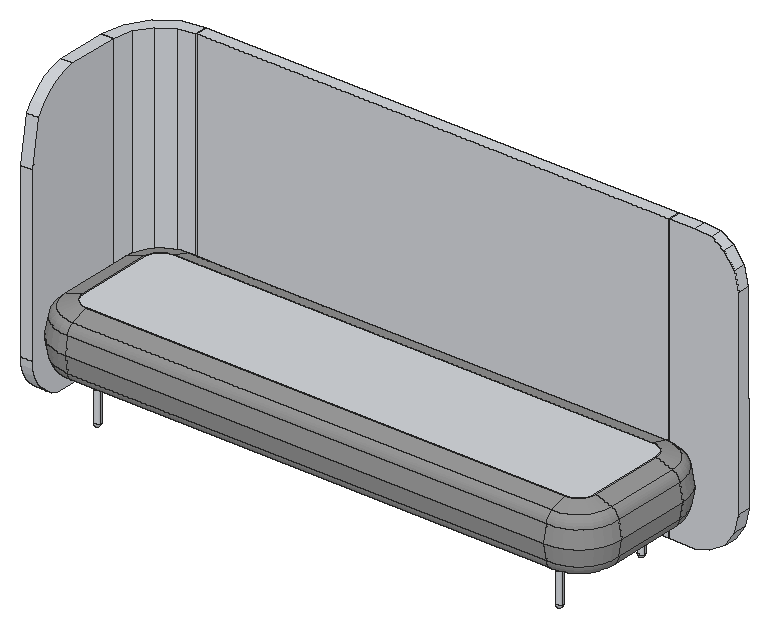
Revit family "Bernhardt-Design_Seating_ChapelleL_3 Seat_Left-Facing Full-Wall", category Furniture, Revit 2013
Parameters (values of type "3 Seat Left Facing Full Wall")
  Model = "Chapelle"
  Mid Wall = 6' - 5"
  Length = 8' - 1 1/2"
  Description = "Seating"
  Width = 28' - 3"
  URL = "http://bernhardtdesign.com/"
  Product Page URL = "http://www.bernhardtdesign.com/products/chapelle/index.html"
  Product Name = "Chapelle"
  Product Documentation Link = "http://www.bernhardtdesign.com/pdf/pricelists/sofas/Chapelle_PL.pdf"
  Manufacturer = "Bernhardt "  # constant formula
  Level Certification = ""
  Height = 3' - 11 3/8"
  GreenGuard Certification = ""
  Bernhardt Fabric = none
Reference planes (in)
  plane 1 "Center (Front/Back)": y = 0
  plane 2 "Bottom": z = 0
  plane 3 "Center (Left/Right)": x = 0
  plane 4: x = -24
  plane 5: x = 53
  plane 6 "Total Height": z = 47.375
  plane 7 "Seat Height": z = 16.87819
  plane 8 "Base": z = 0.76323
  plane 9: y = -1.50846
  plane 10: y = -18.00846
  plane 11 "seat front edge": y = -20.50934
Forms (in)
  Extrusion 1, solid
    sketch origin (0, 0, 0) x (1, 0, 0) y (0, 1, 0)
      loop
        line (-24, 8.08149) -> (-24, 6.08149) -> (53, 6.08149) -> (53, 8.08149) -> (-24, 8.08149)
    from 0.76323 to 47.375
  Extrusion 2, void
    sketch origin (0, 0, 0) x (0, 1, 0) y (0, 0, 1)
      loop
        line (-9.75846, 47.375) -> (-9.75846, 53.875) -> (-24.50846, 53.875) -> (-18.00846, 29.97832)
        arc (-18.00846, 29.97832) -> (-17.92454, 36.30552) -> (-16.7009, 42.51385) r 34.94218
        arc (-16.7009, 42.51385) -> (-13.79438, 45.75091) -> (-9.75846, 47.375) r 9.61187
      loop
        line (-18.00846, 7.50157) -> (-23.08796, -4.465) -> (-12.78184, 0.76323)
        arc (-12.78184, 0.76323) -> (-16.52625, 3.25506) -> (-18.00846, 7.50157) r 7.06609
    from -76.66408 to 0
  Extrusion 3, solid
    sketch origin (0, 0, 0) x (-1, 0, 0) y (0, -1, 0)
      loop
        line (24, -8.08149) -> (27.42352, -7.3538) -> (30.579, -5.30461) -> (32.62139, -2.15959) -> (33.40106, 1.50846) -> (31.35638, 1.50846) -> (30.74217, -1.38119) -> (29.13319, -3.8588) -> (26.64512, -5.47458) -> (24, -6.03681) -> (24, -8.08149)
    from 0.76323 to 47.375
  Extrusion 4, solid
    sketch origin (0, 0, 0) x (-1, 0, 0) y (0, -1, 0)
      loop
        line (33.40106, 1.50846) -> (33.40106, 18.00846) -> (31.40106, 18.00846) -> (31.40106, 1.50846) -> (33.40106, 1.50846)
    from 0.76323 to 47.375
  Extrusion 5, solid
    sketch origin (0, 0, 0) x (-1, 0, 0) y (0, 0, -1)
      loop
        line (-53, -47.375) -> (-53, -0.76323) -> (-57.25504, -0.76323) -> (-59.69558, -1.40923) -> (-62.18269, -3.08681) -> (-63.72047, -5.36666) -> (-64.29937, -8.09017) -> (-64.29937, -40.59017) -> (-63.62452, -43.51328) -> (-61.97515, -45.78344) -> (-59.87847, -47.14504) -> (-57.25, -47.375) -> (-53, -47.375)
    from -6.08149 to -8.08149
Cuts and joins
  Extrusion 2 cuts Extrusion 4
Lines and regions (in)
  symbolic lines
    curve 1: line (-33.40106, -18.00846, 0) -> (-31.40106, -18.00846, 0)
    curve 2: line (-31.40106, -18.00846, 0) -> (-31.40106, -1.71867, 0)
    curve 3: line (-33.40106, -1.50846, 0) -> (-33.40106, -18.00846, 0)
    curve 4: line (-32.62139, 2.15959, 0) -> (-33.40106, -1.50846, 0)
    curve 5: line (-30.579, 5.30461, 0) -> (-32.62139, 2.15959, 0)
    curve 6: line (-27.42352, 7.3538, 0) -> (-30.579, 5.30461, 0)
    curve 7: line (-24, 8.08149, 0) -> (-27.42352, 7.3538, 0)
    curve 8: line (-31.40106, -1.71867, 0) -> (-30.74217, 1.38119, 0)
    curve 9: line (-30.74217, 1.38119, 0) -> (-29.13319, 3.8588, 0)
    curve 10: line (-29.13319, 3.8588, 0) -> (-26.64512, 5.47458, 0)
    curve 11: line (-26.64512, 5.47458, 0) -> (-23.78979, 6.08149, 0)
    curve 12: line (53, 8.08149, 0) -> (-24, 8.08149, 0)
    curve 13: line (-23.78979, 6.08149, 0) -> (53, 6.08149, 0)
    curve 14: line (64.29937, 8.08149, 0) -> (53, 8.08149, 0)
    curve 15: line (53, 6.08149, 0) -> (64.29937, 6.08149, 0)
    curve 16: line (64.29937, 6.08149, 0) -> (64.29937, 8.08149, 0)
    curve 17: arc (-31.13451, -13.42694, 0) -> (-29.08426, -18.37669, 0) -> (-24.13451, -20.42694, 0) r 7
    curve 18: arc (60.86549, -13.42694, 0) -> (58.81524, -18.37669, 0) -> (53.86549, -20.42694, 0) r 7
    curve 19: arc (53.86549, 5.97609, 0) -> (58.81524, 3.92584, 0) -> (60.86549, -1.02391, 0) r 7
    curve 20: line (-31.13451, -13.42694, 0) -> (-31.40106, -1.71867, 0)
    curve 21: line (60.86549, -13.42694, 0) -> (60.86549, -1.02391, 0)
    curve 22: line (53.86549, -20.42694, 0) -> (-24.13451, -20.42694, 0)
Dimensions and locks (in)
  "Mid Wall": plane 4 to plane 5
  "Height": plane 6 "Total Height" to level
  locked: plane 3 "Center (Left/Right)" to nested 1 at 60.86549
  aligned and locked: plane 2 "Bottom" to level
  aligned and locked: Extrusion 1 sketch curve to plane 4
  aligned and locked: Extrusion 1 sketch curve to plane 5
  aligned and locked: Extrusion 1 to plane 8 "Base"
  aligned and locked: plane 6 "Total Height" to Extrusion 1
  aligned and locked: Extrusion 3 to Extrusion 4
Automatic sketch dimensions
  Extrusion 1 sketch curve to plane 1 "Center (Front/Back)" = 0' - 6.08149"
  Extrusion 1 sketch curve to Extrusion 1 sketch curve = 0' - 2"
  Extrusion 2 sketch curve to plane 10 = 0' - 0"  (x2)
  Extrusion 2 sketch curve to plane 8 "Base" = 0' - 0"
  Extrusion 2 sketch curve to plane 6 "Total Height" = 0' - 0"
  Extrusion 2 sketch curve to level = 0' - 4.465"
  Extrusion 2 sketch curve to plane 11 "seat front edge" = 0' - 2.57862"
  Extrusion 2 sketch curve to plane 11 "seat front edge" = 0' - 3.99912"
  Extrusion 2 sketch curve to plane 10 = 0' - 5.22662"
  plane 9 to Extrusion 2 sketch curve = 0' - 8 1/4"
  Extrusion 2 sketch curve to plane 10 = 0' - 1.30756"
  plane 8 "Base" to Extrusion 2 sketch curve = 0' - 6.8226"
  Extrusion 2 sketch curve to Extrusion 2 sketch curve = 0' - 7.06559"
  plane 9 to Extrusion 2 sketch curve = 0' - 6.77278"
  Extrusion 2 sketch curve to plane 1 "Center (Front/Back)" = 1' - 4.82908"
  plane 7 "Seat Height" to Extrusion 2 sketch curve = 1' - 1.10012"
  Extrusion 2 sketch curve to Extrusion 2 sketch curve = 0' - 6 1/2"
  Extrusion 2 sketch curve to Extrusion 2 sketch curve = 1' - 2.69456"
  Extrusion 3 sketch curve to plane 4 = 0' - 0"
  plane 9 to Extrusion 3 sketch curve = 0' - 0"
  plane 1 "Center (Front/Back)" to Extrusion 3 sketch curve = 0' - 1.38119"
  Extrusion 3 sketch curve to plane 4 = 0' - 2.64512"
  Extrusion 3 sketch curve to Extrusion 3 sketch curve = 0' - 0.7784"
  Extrusion 3 sketch curve to Extrusion 3 sketch curve = 0' - 2.48808"
  Extrusion 3 sketch curve to Extrusion 3 sketch curve = 0' - 1.44581"  (x2)
  Extrusion 3 sketch curve to Extrusion 3 sketch curve = 0' - 1.60898"
  Extrusion 3 sketch curve to Extrusion 3 sketch curve = 0' - 0.61421"
  plane 1 "Center (Front/Back)" to Extrusion 3 sketch curve = 0' - 2.15959"
  Extrusion 3 sketch curve to Extrusion 3 sketch curve = 0' - 1.87923"  (x2)
  Extrusion 3 sketch curve to Extrusion 3 sketch curve = 0' - 2.04468"  (x2)
  Extrusion 3 sketch curve to Extrusion 3 sketch curve = 0' - 2.47761"
  Extrusion 3 sketch curve to Extrusion 3 sketch curve = 0' - 1.61577"
  Extrusion 3 sketch curve to Extrusion 3 sketch curve = 0' - 0.56224"
  plane 10 to Extrusion 4 sketch curve = 0' - 0"
  plane 9 to Extrusion 4 sketch curve = 0' - 0"
  Extrusion 4 sketch curve to plane 4 = 0' - 7.40106"
  Extrusion 4 sketch curve to Extrusion 4 sketch curve = 0' - 2"
  Extrusion 5 sketch curve to plane 8 "Base" = 0' - 0"
  Extrusion 5 sketch curve to plane 6 "Total Height" = 0' - 0"
  Extrusion 5 sketch curve to plane 5 = 0' - 0"
  Extrusion 5 sketch curve to plane 8 "Base" = 0' - 0.646"
  Extrusion 5 sketch curve to plane 5 = 0' - 4 1/4"
  Extrusion 5 sketch curve to plane 5 = 0' - 4.25504"
  Extrusion 5 sketch curve to Extrusion 5 sketch curve = 0' - 2.44054"
  plane 6 "Total Height" to Extrusion 5 sketch curve = 0' - 0.22996"
  Extrusion 5 sketch curve to Extrusion 5 sketch curve = 0' - 2.62847"
  plane 6 "Total Height" to Extrusion 5 sketch curve = 0' - 1.59156"
  Extrusion 5 sketch curve to Extrusion 5 sketch curve = 0' - 2.09668"
  Extrusion 5 sketch curve to plane 8 "Base" = 0' - 2.32358"
  Extrusion 5 sketch curve to Extrusion 5 sketch curve = 0' - 2.48711"
  plane 6 "Total Height" to Extrusion 5 sketch curve = 0' - 3.86172"
  Extrusion 5 sketch curve to Extrusion 5 sketch curve = 0' - 1.64937"
  Extrusion 5 sketch curve to plane 8 "Base" = 0' - 4.60343"
  Extrusion 5 sketch curve to Extrusion 5 sketch curve = 0' - 1.53778"
  Extrusion 5 sketch curve to Extrusion 5 sketch curve = 0' - 0.67485"
  Extrusion 5 sketch curve to Extrusion 5 sketch curve = 0' - 2.72351"
  Extrusion 5 sketch curve to Extrusion 5 sketch curve = 0' - 2.92311"
  plane 10 to curve 1 = 0' - 0"
  plane 9 to curve 4 = 0' - 0"
  curve 7 to plane 4 = 0' - 0"
  curve 13 to plane 5 = 0' - 0"
  curve 14 to plane 5 = 0' - 0"
  curve 20 to plane 10 = 0' - 4.58152"
  plane 4 to curve 10 = 0' - 2.64512"
  curve 6 to curve 10 = 0' - 0.7784"
  curve 9 to curve 10 = 0' - 2.48808"
  curve 6 to curve 9 = 0' - 1.44581"
  curve 8 to plane 1 "Center (Front/Back)" = 0' - 1.38119"
  curve 8 to curve 9 = 0' - 1.60898"
  plane 4 to curve 20 = 0' - 7.13451"
  plane 9 to curve 2 = 0' - 0.21021"
  curve 2 to curve 8 = 0' - 0.6589"
  curve 5 to plane 1 "Center (Front/Back)" = 0' - 2.15959"
  curve 5 to curve 8 = 0' - 1.87923"
  curve 3 to curve 2 = 0' - 2"
  curve 11 to plane 4 = 0' - 0.21021"
  plane 5 to curve 21 = 0' - 7.86549"
  curve 19 to curve 15 = 0' - 3.43388"
  plane 11 "seat front edge" to curve 17 = 0' - 0.0824"
  plane 5 to curve 19 = 0' - 0.86549"
  plane 5 to curve 18 = 0' - 0.86549"
  curve 21 to plane 9 = 0' - 0.48455"
  curve 8 to curve 10 = 0' - 2.47761"
  curve 9 to curve 5 = 0' - 1.44581"
  curve 9 to curve 11 = 0' - 1.61577"
  curve 19 to curve 15 = 0' - 0.1054"
  curve 10 to curve 6 = 0' - 1.87923"
  curve 15 to curve 16 = 0' - 2"
Nested families (in)
  nested 1: "Bernhardt-Design_Seating_ChapelleL_3-Seat_Bench" at (14.70742, 11.19484, 0), type "3 seater bench"
Definition of nested family "Bernhardt-Design_Seating_ChapelleL_3-Seat_Bench"
  Parameters (values of type "3 seater bench")
    Width = 1' - 10 7/8"
    Model = "Chapelle 3 Seat Bench"
    Manufacturer = "Bernhardt"
    Length = 7' - 8"
    Height = 1' - 6"
    Description = "Seating"
    Bernhardt Metal = none
    Bernhardt Fabrics = Fabric-Bernhardt-White
  Reference planes (in)
    plane 1: z = 0
    plane 2: z = 47.125
    plane 3: y = -5.21875
    plane 4 "mid seat": z = 11.85004
    plane 5 "op seat": z = 16.98912
    plane 6: x = -1.59193
    plane 7 "front edge of bench": y = -31.62178
    plane 8 "Bench center": y = -18.53536
    plane 9: x = -45.84193
    plane 10: x = -37.46693
    plane 11: y = -10.00733
    plane 12: y = -26.79581
    plane 13: x = 46.15807
    plane 14: x = 37.78307
    plane 15: z = 11.85004
  Forms (in)
    Revolve 1, solid
      sketch origin (-15.73798, -26.79581, 0) x (0, 0, -1) y (1, 0, 0)
        loop
          line (-6.88986, -21.72633) -> (0, -21.72633)
          arc (0, -21.72633) -> (-0.20612, -21.34815) -> (-0.60963, -21.19754) r 0.6158
          line (-0.60963, -21.19754) -> (-5.60963, -21.19754)
          arc (-5.60963, -21.19754) -> (-6.34307, -20.9291) -> (-6.71097, -20.24015) r 1.0948
          line (-6.71097, -20.24015) -> (-6.83424, -20.24015) -> (-6.88986, -20.44772) -> (-6.88986, -21.72633)
        axis (-6.88986, -21.72633) -> (0, -21.72633)
      angle from 0 to 360
    Revolve 2, solid
      sketch origin (-15.66149, -10.00733, 0) x (0, 0, -1) y (-1, 0, 0)
        loop
          line (-6.88986, 21.72633) -> (-6.88986, 20.44772) -> (-6.83424, 20.24015) -> (-6.71097, 20.24015)
          arc (-6.71097, 20.24015) -> (-6.34307, 20.9291) -> (-5.60963, 21.19754) r 1.0948
          line (-5.60963, 21.19754) -> (-0.60963, 21.19754)
          arc (-0.60963, 21.19754) -> (-0.20612, 21.34815) -> (0, 21.72633) r 0.6158
          line (0, 21.72633) -> (-6.88986, 21.72633)
        axis (-6.88986, 21.72633) -> (0, 21.72633)
      angle from 0 to 360
    Sweep 3, solid, material "Fabric-Bernhardt-White"
      path origin (0, 0, 6.71097) x (0, 1, 0) y (-1, 0, 0)
        loop
          arc (-5.21875, 38.84193) -> (-7.269, 43.79167) -> (-12.21875, 45.84193) r 7
          line (-12.21875, 45.84193) -> (-24.62178, 45.84193)
          arc (-24.62178, 45.84193) -> (-29.57153, 43.79167) -> (-31.62178, 38.84193) r 7
          line (-31.62178, 38.84193) -> (-31.62178, -39.15807)
          arc (-31.62178, -39.15807) -> (-29.57153, -44.10782) -> (-24.62178, -46.15807) r 7
          line (-24.62178, -46.15807) -> (-12.21875, -46.15807)
          arc (-12.21875, -46.15807) -> (-7.269, -44.10782) -> (-5.21875, -39.15807) r 7
          line (-5.21875, -39.15807) -> (-5.21875, 38.84193)
      profile origin (0.15807, -5.21875, 6.71097) x (0, 1, 0) y (0, 0, 1)
        loop
          line (0, 5.13907) -> (-4.32844, 5.13907) -> (-4.32844, 0) -> (-1.55892, 0.88647)
          arc (-1.55892, 0.88647) -> (-0.84704, 1.53879) -> (-0.47753, 2.43085) r 2.23055
          line (-0.47753, 2.43085) -> (0, 5.13907)
    Extrusion 4, solid
      sketch origin (0, 0, 16.98912) x (-1, 0, 0) y (0, -1, 0)
        loop
          arc (-39.15807, 27.29334) -> (-41.04715, 26.51086) -> (-41.82963, 24.62178) r 2.67156
          line (-41.82963, 24.62178) -> (-41.82963, 12.21875)
          arc (-41.82963, 12.21875) -> (-41.04715, 10.32967) -> (-39.15807, 9.54719) r 2.67156
          line (-39.15807, 9.54719) -> (38.84193, 9.54719)
          arc (38.84193, 9.54719) -> (40.731, 10.32967) -> (41.51348, 12.21875) r 2.67156
          line (41.51348, 12.21875) -> (41.51348, 24.62178)
          arc (41.51348, 24.62178) -> (40.731, 26.51086) -> (38.84193, 27.29334) r 2.67156
          line (38.84193, 27.29334) -> (-39.15807, 27.29334)
      from 0 to -5.13907
    Revolve 5, solid
      sketch origin (12.55413, -26.79581, 0) x (0, 0, -1) y (1, 0, 0)
        loop
          line (-6.88986, 25.22633) -> (-6.88986, 23.94772) -> (-6.83424, 23.74015) -> (-6.71097, 23.74015)
          arc (-6.71097, 23.74015) -> (-6.34307, 24.4291) -> (-5.60963, 24.69754) r 1.0948
          line (-5.60963, 24.69754) -> (-0.60963, 24.69754)
          arc (-0.60963, 24.69754) -> (-0.20612, 24.84815) -> (0, 25.22633) r 0.6158
          line (0, 25.22633) -> (-6.88986, 25.22633)
        axis (-6.88986, 25.22633) -> (0, 25.22633)
      angle from 0 to 360
    Revolve 6, solid
      sketch origin (12.47764, -10.00733, 0) x (0, 0, -1) y (-1, 0, 0)
        loop
          line (-6.88986, -25.22633) -> (0, -25.22633)
          arc (0, -25.22633) -> (-0.20612, -24.84815) -> (-0.60963, -24.69754) r 0.6158
          line (-0.60963, -24.69754) -> (-5.60963, -24.69754)
          arc (-5.60963, -24.69754) -> (-6.34307, -24.4291) -> (-6.71097, -23.74015) r 1.0948
          line (-6.71097, -23.74015) -> (-6.83424, -23.74015) -> (-6.88986, -23.94772) -> (-6.88986, -25.22633)
        axis (-6.88986, -25.22633) -> (0, -25.22633)
      angle from 0 to 360
    Sweep 7, solid, material "Fabric-Bernhardt-White"
      path origin (0, 0, 16.98912) x (-1, 0, 0) y (0, -1, 0)
        loop
          arc (38.84193, 5.21875) -> (43.79167, 7.269) -> (45.84193, 12.21875) r 7
          line (45.84193, 12.21875) -> (45.84193, 24.62178)
          arc (45.84193, 24.62178) -> (43.79167, 29.57153) -> (38.84193, 31.62178) r 7
          line (38.84193, 31.62178) -> (-39.15807, 31.62178)
          arc (-39.15807, 31.62178) -> (-44.10782, 29.57153) -> (-46.15807, 24.62178) r 7
          line (-46.15807, 24.62178) -> (-46.15807, 12.21875)
          arc (-46.15807, 12.21875) -> (-44.10782, 7.269) -> (-39.15807, 5.21875) r 7
          line (-39.15807, 5.21875) -> (38.84193, 5.21875)
      profile origin (0.15807, -5.21875, 16.98912) x (0, 1, 0) y (0, 0, 1)
        loop
          line (0, -5.13907) -> (-0.47753, -2.43085)
          arc (-0.47753, -2.43085) -> (-0.84704, -1.53879) -> (-1.55892, -0.88647) r 2.23055
          line (-1.55892, -0.88647) -> (-4.32844, 0) -> (-4.32844, -5.13907) -> (0, -5.13907)
  Lines and regions (in)
    symbolic lines
      curve 1: arc (-38.84193, -5.21875, 16.98912) -> (-43.79167, -7.269, 16.98912) -> (-45.84193, -12.21875, 16.98912) r 7
      curve 2: arc (-45.84193, -24.62178, 16.98912) -> (-43.79167, -29.57153, 16.98912) -> (-38.84193, -31.62178, 16.98912) r 7
      curve 3: line (-45.84193, -12.21875, 16.98912) -> (-45.84193, -24.62178, 16.98912)
      curve 4: arc (39.15807, -5.21875, 16.98912) -> (44.10782, -7.269, 16.98912) -> (46.15807, -12.21875, 16.98912) r 7
      curve 5: arc (46.15807, -24.62178, 16.98912) -> (44.10782, -29.57153, 16.98912) -> (39.15807, -31.62178, 16.98912) r 7
      curve 6: line (46.15807, -12.21875, 16.98912) -> (46.15807, -24.62178, 16.98912)
      curve 7: line (-38.84193, -5.21875, 16.98912) -> (39.15807, -5.21875, 16.98912)
      curve 8: line (-38.84193, -31.62178, 16.98912) -> (39.15807, -31.62178, 16.98912)
  Dimensions and locks (in)
    locked: plane 2 to level at 47.125
    locked: plane 9 to plane 10 at 8.375
    locked: plane 13 to plane 14 at 8.375
    "Length": plane 9 to plane 13
    plane 3 to plane 11 to plane 8 "Bench center" = 0' - 4.78858", 0' - 8.52803"
    plane 8 "Bench center" to plane 12 to plane 7 "front edge of bench" = 0' - 8.26046", 0' - 4.82597"
    plane 15 to plane 5 "op seat" to plane 2 = 0' - 5.13907", 2' - 6.13588"
    aligned and locked: level to plane 1
    aligned and locked: Extrusion 4 to plane 4 "mid seat"
    aligned and locked: plane 11 to Revolve 2
    aligned and locked: plane 12 to Revolve 1
    aligned and locked: plane 9 to Sweep 3 sketch curve
    aligned and locked: plane 13 to Sweep 3 sketch curve
    aligned and locked: Extrusion 4 to Sweep 3  (x2)
  Automatic sketch dimensions
    Revolve 1 sketch curve to level = 0' - 0"  (x2)
    plane 10 to Revolve 1 sketch curve = 0' - 0.00262"
    level to Revolve 1 sketch curve = 0' - 0.60963"
    plane 10 to Revolve 1 sketch curve = 0' - 0.53141"
    Revolve 1 sketch curve to Revolve 1 sketch curve = 0' - 5"
    Revolve 1 sketch curve to Revolve 1 sketch curve = 0' - 1.10134"
    plane 10 to Revolve 1 sketch curve = 0' - 1.48879"
    Revolve 1 sketch curve to Revolve 1 sketch curve = 0' - 0.12327"
    Revolve 1 sketch curve to Revolve 1 sketch curve = 0' - 1.28023"
    Revolve 1 sketch curve to Revolve 1 sketch curve = 0' - 0"  (x2)
    Revolve 1 sketch curve to Revolve 1 sketch curve = 0' - 1.08616"
    Revolve 1 sketch curve to Revolve 1 sketch curve = 0' - 0.20756"
    Revolve 2 sketch curve to level = 0' - 0"  (x2)
    plane 10 to Revolve 2 sketch curve = 0' - 1.56528"
    level to Revolve 2 sketch curve = 0' - 0.60963"
    plane 10 to Revolve 2 sketch curve = 0' - 0.6079"
    Revolve 2 sketch curve to Revolve 2 sketch curve = 0' - 5"
    Revolve 2 sketch curve to Revolve 2 sketch curve = 0' - 1.10134"
    Revolve 2 sketch curve to Revolve 2 sketch curve = 0' - 0.12327"
    plane 10 to Revolve 2 sketch curve = 0' - 0.07911"
    Revolve 2 sketch curve to Revolve 2 sketch curve = 0' - 1.28023"
    Revolve 2 sketch curve to Revolve 2 sketch curve = 0' - 0"  (x2)
    Revolve 2 sketch curve to Revolve 2 sketch curve = 0' - 0.01519"
    Revolve 2 sketch curve to Revolve 2 sketch curve = 0' - 0.20756"
    Sweep 3 sketch curve to plane 7 "front edge of bench" = 0' - 0"
    plane 3 to Sweep 3 sketch curve = 0' - 0"
    Sweep 3 sketch curve to plane 14 = 0' - 1 3/8"
    Sweep 3 sketch curve to plane 12 = 0' - 2.17403"
    plane 11 to Sweep 3 sketch curve = 0' - 2.21142"  (x2)
    Sweep 3 sketch curve to profile plane = 0' - 0"  (x2)
    profile plane to Sweep 3 sketch curve = 0' - 0.88647"
    profile plane to Sweep 3 sketch curve = 0' - 0.47753"
    profile plane to Sweep 3 sketch curve = 0' - 1.55892"
    Sweep 3 sketch curve to Sweep 3 sketch curve = 0' - 2 197/256"
    Sweep 3 sketch curve to Sweep 3 sketch curve = 0' - 2.19666"
    Sweep 3 sketch curve to Sweep 3 sketch curve = 0' - 1.54438"
    Sweep 3 sketch curve to Sweep 3 sketch curve = 0' - 2.70822"
    Extrusion 4 sketch curve to plane 14 = 0' - 4.04656"
    Extrusion 4 sketch curve to plane 11 = 0' - 0.46014"
    Extrusion 4 sketch curve to plane 14 = 0' - 1 3/8"  (x2)
    plane 12 to Extrusion 4 sketch curve = 0' - 0.49752"
    Extrusion 4 sketch curve to plane 10 = 0' - 1 3/8"  (x2)
    Extrusion 4 sketch curve to plane 12 = 0' - 2.17403"
    Revolve 5 sketch curve to level = 0' - 0"  (x2)
    plane 14 to Revolve 5 sketch curve = 0' - 1.48879"
    level to Revolve 5 sketch curve = 0' - 0.60963"
    plane 14 to Revolve 5 sketch curve = 0' - 0.53141"
    Revolve 5 sketch curve to Revolve 5 sketch curve = 0' - 5"
    Revolve 5 sketch curve to Revolve 5 sketch curve = 0' - 1.10134"
    Revolve 5 sketch curve to Revolve 5 sketch curve = 0' - 0.12327"
    plane 14 to Revolve 5 sketch curve = 0' - 0.00262"
    Revolve 5 sketch curve to Revolve 5 sketch curve = 0' - 1.28023"
    Revolve 5 sketch curve to Revolve 5 sketch curve = 0' - 0"  (x2)
    Revolve 5 sketch curve to Revolve 5 sketch curve = 0' - 0.01519"
    Revolve 5 sketch curve to Revolve 5 sketch curve = 0' - 0.20756"
    Revolve 6 sketch curve to level = 0' - 0"  (x2)
    plane 14 to Revolve 6 sketch curve = 0' - 0.07911"
    level to Revolve 6 sketch curve = 0' - 0.60963"
    plane 14 to Revolve 6 sketch curve = 0' - 0.6079"
    Revolve 6 sketch curve to Revolve 6 sketch curve = 0' - 5"
    Revolve 6 sketch curve to Revolve 6 sketch curve = 0' - 1.10134"
    plane 14 to Revolve 6 sketch curve = 0' - 1.56528"
    Revolve 6 sketch curve to Revolve 6 sketch curve = 0' - 0.12327"
    Revolve 6 sketch curve to Revolve 6 sketch curve = 0' - 1.28023"
    Revolve 6 sketch curve to Revolve 6 sketch curve = 0' - 0"  (x2)
    Revolve 6 sketch curve to Revolve 6 sketch curve = 0' - 1.08616"
    Revolve 6 sketch curve to Revolve 6 sketch curve = 0' - 0.20756"
    Sweep 7 sketch curve to plane 13 = 0' - 0"
    Sweep 7 sketch curve to plane 7 "front edge of bench" = 0' - 0"
    plane 3 to Sweep 7 sketch curve = 0' - 0"
    Sweep 7 sketch curve to plane 9 = 0' - 0"
    plane 11 to Sweep 7 sketch curve = 0' - 2.21142"
    Sweep 7 sketch curve to plane 14 = 0' - 1 3/8"
    Sweep 7 sketch curve to plane 10 = 0' - 1 3/8"  (x2)
    Sweep 7 sketch curve to profile plane = 0' - 0"  (x2)
    Sweep 7 sketch curve to profile plane = 0' - 5.13907"
    profile plane to Sweep 7 sketch curve = 0' - 0.47753"
    profile plane to Sweep 7 sketch curve = 0' - 1.55892"
    Sweep 7 sketch curve to Sweep 7 sketch curve = 0' - 2 197/256"
    Sweep 7 sketch curve to Sweep 7 sketch curve = 0' - 1.11527"
    Sweep 7 sketch curve to profile plane = 0' - 2.43085"
    Sweep 7 sketch curve to profile plane = 0' - 0.88647"
    curve 6 to plane 13 = 0' - 0"
    plane 3 to curve 7 = 0' - 0"
    curve 8 to plane 7 "front edge of bench" = 0' - 0"
    curve 3 to plane 9 = 0' - 0"
    plane 11 to curve 6 = 0' - 2.21142"
    curve 8 to plane 14 = 0' - 1 3/8"
    curve 7 to plane 10 = 0' - 1 3/8"
    curve 8 to plane 10 = 0' - 1 3/8"
